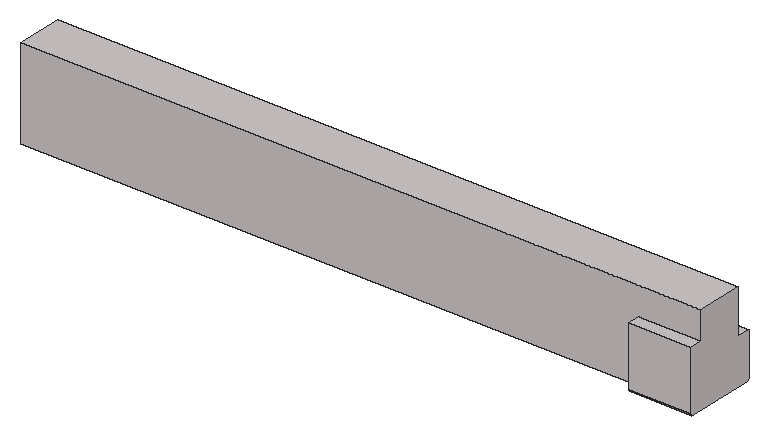
Revit family "034100 - Precast Structural Concrete - Inverted Tee - Stepped Beam", category Structural Framing, Revit 2019
Family settings
  Display in Hidden Views = Edges Hidden by Other Members
  Structural Framing Length Roundoff = 0' - 0 1/16"
  Section Shape = Not Defined
  Material for Model Behavior = Precast Concrete
  Always export as geometry = No
  Always vertical = Yes
  Cut with Voids When Loaded = No
  Symbolic Representation = From Family
  Shared = No
  Show family pre-cut in plan views = Yes
Parameters (values of type "IT 24WX35D T(11"F & 11"B SHELF) & S(11"F & 17"B SHELF) at elevator")
  tall beam - depth = 2' - 11"
  short beam - depth = 2' - 11"
  shelf - tall beam - front shelf = 0' - 11"
  shelf - tall beam - back shelf = 0' - 11"
  shelf - short beam - front shelf = 0' - 11"
  shelf - short beam - back shelf = 1' - 5"
  gap - front/back = 0' - 1"
  Structural Material [instance] = PRECAST INVERTED TEE
  Shelf Width - Front = 0' - 5"
  Shelf Width - Back = 0' - 5"
  SHELF CUT OFF LENGTH [instance] = 20' - 0"
  OD_Attribution = "xcengineering.xyz, diocingenieria.com, openingdesign.com"
  Long. B Zone [instance] = 13' - 2 1/2"
  BeamChange [instance] = 8' - 0"  # constant formula
  Beam Width = 2' - 4"
  Assembly Code = ""
  Length [instance] = 22' - 8.04912"
Types (6): name | tall beam - depth | short beam - depth | shelf - tall beam - back shelf | shelf - short beam - front shelf | shelf - short beam - back shelf | SHELF CUT OFF LENGTH | Beam Width
  IT 24WX35D T(11"F & 11"B SHELF) & S(11"F & 17"B SHELF) at elevator | 2' - 11" | 2' - 11" | 0' - 11" | 0' - 11" | 1' - 5" | 20' - 0" | 2' - 4"
  IT 24WX31D / IT24WX37D T(11"F & 17"B SHELF) & S(11"F & 11"B SHELF) | 3' - 1" | 2' - 7" | 1' - 5" | 0' - 11" | 0' - 11" | 0' - 0" | 2' - 0"
  IT 24WX31D / IT24WX37D T(11"F & 11"B SHELF) &  S(12"F & 12"B SHELF) | 3' - 1" | 2' - 7" | 0' - 11" | 0' - 11" | 0' - 11" | 0' - 0" | 2' - 0"
  IT 24WX35D T(11"F & 11"B SHELF) & S(11"F & 17"B SHELF) | 2' - 11" | 2' - 11" | 0' - 11" | 0' - 11" | 1' - 5" | 0' - 0" | 2' - 4"
  IT 28WX31D / IT28WX37D T(11"F & 17"B SHELF) & S(12"F & 8"B SHELF) | 3' - 1" | 2' - 7" | 1' - 5" | 1' - 0" | 0' - 8" | 0' - 0" | 2' - 4"
  IT 28WX31D / IT28WX37D T(11"F & 11"B SHELF) & S(11"F & 11"B SHELF) | 3' - 1" | 2' - 7" | 0' - 11" | 0' - 11" | 0' - 11" | 0' - 0" | 2' - 4"
Reference planes (in)
  plane 1 "Centro (Frontal/Posterior)": y = 0
  plane 2: z = 0
  plane 3 "Centro (Izquierda/Derecha)": x = 0
  plane 4 "Izquierda de elemento": x = -249.7979
  plane 5 "Derecha de elemento": x = 14.37671
  plane 6 "Izquierda": x = -253.73491
  plane 7 "Derecha": x = 18.31421
  plane 8: y = -14
  plane 9: y = 14
  plane 10: z = -17.5
  plane 11: y = -9
  plane 12: y = 9
  plane 13: z = -16.7126
  plane 14: y = -13.2126
  plane 15: y = 13.2126
  plane 16: x = -144.12329
  plane 17 "t.o. tall beam": z = 17.5
  plane 18 "shelf - tall beam - front shelf": z = 6.5
  plane 19 "shelf - tall beam - back shelf": z = 6.5
  plane 20 "shelf - short beam - front shelf": z = 6.5
  plane 21 "shelf - short beam - back shelf": z = 0.5
  plane 22 "t.o. short beam": z = 17.5
  plane 23: y = -15
  plane 24: y = 15
  plane 25 "3": x = -9.7979
Forms (in)
  Sweep 1, solid, material "PRECAST INVERTED TEE" <- "Structural Material"
    path origin (0, 14.72441, 0) x (1, 0, 0) y (0, 1, 0)
      loop
        line (-249.7979, -14.72441) -> (-144.12329, -14.72441)
    profile origin (-196.96059, 0, 0) x (0, 1, 0) y (0, 0, 1)
      loop
        line (-9, 17.5) -> (-9, 6.5) -> (-14, 6.5) -> (-14, -16.7126) -> (-13.2126, -17.5) -> (13.2126, -17.5) -> (14, -16.7126) -> (14, 6.5) -> (9, 6.5) -> (9, 17.5) -> (-9, 17.5)
  Sweep 2, solid, material "PRECAST INVERTED TEE" <- "Structural Material"
    path origin (0, 0, 0) x (1, 0, 0) y (0, 1, 0)
      loop
        line (-144.12329, 0) -> (14.37671, 0)
    profile origin (-64.87329, 0, 0) x (0, 1, 0) y (0, 0, 1)
      loop
        line (-13.2126, -17.5) -> (13.2126, -17.5) -> (14, -16.7126) -> (14, 0.5) -> (9, 0.5) -> (9, 17.5) -> (-9, 17.5) -> (-9, 6.5) -> (-14, 6.5) -> (-14, -16.7126) -> (-13.2126, -17.5)
  Extrusion 3, void
    sketch origin (-261, 0, 0) x (1, 0, 0) y (0, 1, 0)
      loop
        line (7.26509, -9) -> (7.26509, -21) -> (251.2021, -21) -> (251.2021, -9) -> (7.26509, -9)
    from -17.5 to 17.5
Cuts and joins
  Extrusion 3 cuts Sweep 1
  Extrusion 3 cuts Sweep 2
  joined: Sweep 1, Sweep 2
Dimensions and locks (in)
  "Length": plane 6 "Izquierda" to plane 7 "Derecha"
  locked: level to plane 2 at 0
  equal spacing: plane 9, plane 1 "Centro (Frontal/Posterior)", plane 8
  "Beam Width": plane 9 to plane 8
  level to plane 10 = 1' - 5 1/2"
  "Shelf Width - Front": plane 8 to plane 11
  "Shelf Width - Back": plane 12 to plane 9
  locked: plane 13 to plane 10 at 0.7874
  locked: plane 8 to plane 14 at 0.7874
  locked: plane 15 to plane 9 at 0.7874
  "Long. B Zone": plane 16 to plane 5 "Derecha de elemento"
  cut or joined group of Sweep 1, Sweep 2, Extrusion 3 to plane 10 = 1' - 6"
  "tall beam - depth": plane 17 "t.o. tall beam" to plane 10
  equal spacing: plane 17 "t.o. tall beam", level, plane 10
  "shelf - tall beam - back shelf": plane 17 "t.o. tall beam" to plane 19 "shelf - tall beam - back shelf"
  "shelf - tall beam - front shelf": plane 17 "t.o. tall beam" to plane 18 "shelf - tall beam - front shelf"
  "short beam - depth": plane 22 "t.o. short beam" to plane 10
  "shelf - short beam - front shelf": plane 22 "t.o. short beam" to plane 20 "shelf - short beam - front shelf"
  "shelf - short beam - back shelf": plane 22 "t.o. short beam" to plane 21 "shelf - short beam - back shelf"
  "gap - front/back": plane 9 to plane 24
  "gap - front/back": plane 23 to plane 8
  "SHELF CUT OFF LENGTH": plane 4 "Izquierda de elemento" to plane 25 "3"
  locked: plane 11 to Extrusion 3 sketch curve at 12
  aligned and locked: Sweep 1 sketch curve to plane 1 "Centro (Frontal/Posterior)"
  aligned and locked: plane 4 "Izquierda de elemento" to Sweep 1 sketch curve
  aligned and locked: plane 11 to Sweep 1 sketch curve
  aligned and locked: Sweep 1 sketch curve to plane 12
  aligned and locked: Sweep 1 sketch curve to plane 8
  aligned and locked: plane 9 to Sweep 1 sketch curve
  aligned and locked: plane 10 to Sweep 1 sketch curve
  aligned and locked: Sweep 1 sketch curve to Sweep 1 sketch curve  (x2)
  aligned and locked: plane 13 to Sweep 1 sketch curve
  aligned and locked: plane 16 to Sweep 1 sketch curve
  aligned and locked: plane 16 to Sweep 2 sketch curve
  aligned and locked: plane 5 "Derecha de elemento" to Sweep 2 sketch curve
  aligned and locked: plane 8 to Sweep 2 sketch curve
  aligned and locked: Sweep 2 sketch curve to plane 9
  aligned and locked: Sweep 2 sketch curve to plane 10
  aligned and locked: cut or joined group of Sweep 1, Sweep 2, Extrusion 3 to plane 11  (x2)
  aligned and locked: cut or joined group of Sweep 1, Sweep 2, Extrusion 3 to plane 12  (x2)
  aligned and locked: cut or joined group of Sweep 1, Sweep 2, Extrusion 3 to plane 9
  aligned and locked: plane 8 to cut or joined group of Sweep 1, Sweep 2, Extrusion 3
  aligned and locked: cut or joined group of Sweep 1, Sweep 2, Extrusion 3 to plane 10
  aligned and locked: Sweep 2 sketch curve to plane 11
  aligned and locked: Sweep 2 sketch curve to plane 12
  aligned and locked: Sweep 1 sketch curve to plane 17 "t.o. tall beam"
  aligned and locked: Sweep 1 sketch curve to plane 19 "shelf - tall beam - back shelf"
  aligned and locked: Sweep 1 sketch curve to plane 18 "shelf - tall beam - front shelf"
  aligned and locked: plane 22 "t.o. short beam" to Sweep 2 sketch curve
  aligned and locked: plane 21 "shelf - short beam - back shelf" to Sweep 2 sketch curve
  aligned and locked: plane 20 "shelf - short beam - front shelf" to Sweep 2 sketch curve
  aligned and locked: plane 11 to Extrusion 3
  aligned and locked: Extrusion 3 to plane 25 "3"
  aligned and locked: plane 6 "Izquierda" to Extrusion 3
  aligned and locked: plane 22 "t.o. short beam" to Extrusion 3
  aligned and locked: Extrusion 3 to plane 10
Automatic sketch dimensions
  Sweep 1 sketch curve to plane 14 = 0' - 0"
  Sweep 1 sketch curve to plane 15 = 0' - 0"
  Sweep 1 sketch curve to plane 13 = 0' - 0"
  plane 15 to Sweep 1 sketch curve = 0' - 4.2126"
  plane 1 "Centro (Frontal/Posterior)" to Sweep 2 sketch curve = 0' - 0"
  Sweep 2 sketch curve to Sweep 2 sketch curve = 0' - 0.7874"  (x4)
  Extrusion 3 sketch curve to plane 3 "Centro (Izquierda/Derecha)" = 21' - 1.73491"
  plane 7 "Derecha" to Extrusion 3 sketch curve = 2' - 4.11211"
  Extrusion 3 sketch curve to Extrusion 3 sketch curve = 1' - 0"
